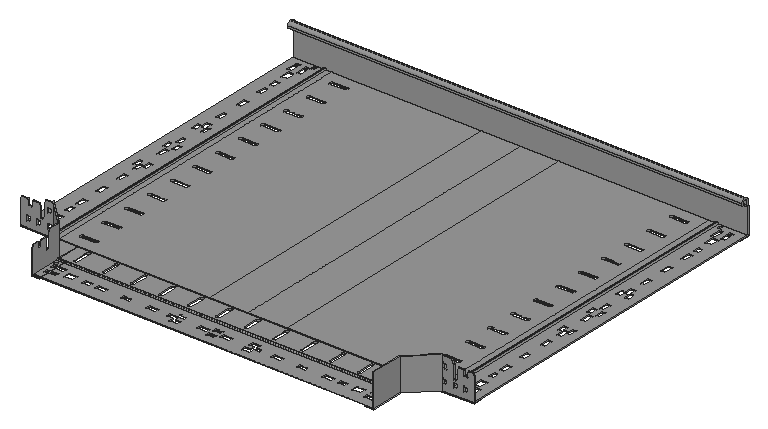
Revit family "T-Abzweigstück - RTM 660 FS.rfa_ok", category Generic Models, Revit 2017 (continued)
Dimensions and locks
  aligned and locked: cut or joined group 1 (Extrusion 1, Extrusion 37, Extrusion 38, Extrusion 39, Extrusion 40, Extrusion 41, Extrusion 42, Extrusion 43, Extrusion 44, Extrusion 45, Extrusion 46, Extrusion 47, Extrusion 48, Extrusion 49, Extrusion 50, Extrusion 51, Extrusion 52, Extrusion 53, Extrusion 54, Extrusion 55, Extrusion 56, Extrusion 57, Extrusion 58, Extrusion 59, Extrusion 60, Extrusion 61, Extrusion 62, Extrusion 63, Extrusion 64, Extrusion 65, Extrusion 66, Extrusion 67, Extrusion 68, Extrusion 69, Extrusion 70, Extrusion 71, Extrusion 72, Extrusion 73, Extrusion 74, Extrusion 75, Extrusion 76, Extrusion 77, Extrusion 78, Extrusion 79, Extrusion 80, Extrusion 81, Extrusion 82, Extrusion 83, Extrusion 84, Extrusion 85, Extrusion 86, Extrusion 87, Extrusion 88, Extrusion 89, Extrusion 90, Extrusion 91, Extrusion 92, Extrusion 93, Extrusion 94, Extrusion 95, Extrusion 96, Extrusion 97, Extrusion 98, Extrusion 99, Extrusion 100, Extrusion 101, Extrusion 102, Extrusion 103, Extrusion 104) to cut or joined group 1  (x7)
  aligned and locked: plane 118 to cut or joined group 1
  aligned and locked: plane 119 to cut or joined group 1
  aligned and locked: Extrusion 57 to level
  aligned and locked: Extrusion 1 to Extrusion 57
  aligned and locked: Extrusion 59 sketch curve to plane 122
  aligned and locked: plane 123 to Extrusion 60 sketch curve
  aligned and locked: Extrusion 60 to level
  aligned and locked: Extrusion 1 to Extrusion 60
  aligned and locked: Extrusion 59 to level
  aligned and locked: Extrusion 1 to Extrusion 59
  aligned and locked: Extrusion 61 to level
  aligned and locked: Extrusion 1 to Extrusion 61
  aligned and locked: Extrusion 62 to level
  aligned and locked: Extrusion 63 to level
  aligned and locked: Extrusion 1 to Extrusion 63
  aligned and locked: Extrusion 69 to level
  aligned and locked: Extrusion 1 to Extrusion 69
  aligned and locked: plane 164 to Extrusion 93 sketch curve
  aligned and locked: Extrusion 94 sketch curve to plane 165
  aligned and locked: plane 12 to Extrusion 105 sketch curve
  aligned and locked: plane 183 to Extrusion 105 sketch curve
  aligned and locked: Extrusion 105 to cut or joined group 1  (x2)
  aligned and locked: cut or joined group 1 to Extrusion 106 sketch curve
  aligned and locked: cut or joined group of Extrusion 2, Extrusion 5, Extrusion 6, Extrusion 7, Extrusion 8, Extrusion 9, Extrusion 10, Extrusion 11, Extrusion 12, Extrusion 13, Extrusion 14, Extrusion 15, Extrusion 16, Extrusion 17, Extrusion 18, Extrusion 19, Extrusion 20, Extrusion 21, Extrusion 22, Extrusion 23, Extrusion 24, Extrusion 25, Extrusion 26, Extrusion 27, Extrusion 28, Extrusion 29, Extrusion 30, Extrusion 31, Extrusion 32, Extrusion 33, Extrusion 34, Extrusion 35, Extrusion 36 to Extrusion 106 sketch curve
  aligned and locked: Extrusion 106 to level
  aligned and locked: plane 185 to Extrusion 106
  aligned and locked: cut or joined group 1 to Extrusion 108  (x2)
  aligned and locked: Extrusion 106 to Extrusion 112
  aligned and locked: Extrusion 107 to cut or joined group 2 (Extrusion 106, Extrusion 112, Extrusion 113, Extrusion 114, Extrusion 115, Extrusion 116, Extrusion 117, Extrusion 124, Extrusion 125)
  aligned and locked: Extrusion 106 to Extrusion 116
  aligned and locked: plane 19 to cut or joined group 2
  aligned and locked: Extrusion 118 to Extrusion 107
  aligned and locked: Extrusion 107 to Extrusion 119
  aligned and locked: Extrusion 117 sketch curve to plane 208
  aligned and locked: Extrusion 117 sketch curve to plane 185
  aligned and locked: plane 240 to Extrusion 123 sketch curve
  aligned and locked: Extrusion 105 to Extrusion 123
  aligned and locked: Extrusion 124 sketch curve to plane 250
  aligned and locked: Extrusion 105 to Extrusion 124
  aligned and locked: Extrusion 125 to plane 12
  aligned and locked: Extrusion 105 to Extrusion 126
  aligned and locked: Extrusion 127 sketch curve to cut or joined group 2  (x11)
  aligned and locked: Extrusion 127 sketch curve to Extrusion 127 sketch curve
  aligned and locked: Extrusion 127 sketch curve to plane 1 "Center (Front/Back)"
  aligned and locked: Extrusion 127 sketch curve to plane 185
  aligned and locked: Extrusion 127 to plane 14
  aligned and locked: Extrusion 128 sketch curve to Extrusion 128 sketch curve  (x4)
  aligned and locked: plane 15 to Extrusion 128
  aligned and locked: Extrusion 129 to plane 14
Automatic sketch dimensions
  plane 21 to Extrusion 5 sketch curve = 299.529 mm
  plane 25 to Extrusion 6 sketch curve = 299.529 mm
  plane 29 to Extrusion 7 sketch curve = 299.529 mm
  plane 33 to Extrusion 8 sketch curve = 299.529 mm
  plane 37 to Extrusion 9 sketch curve = 299.529 mm
  plane 41 to Extrusion 10 sketch curve = 299.529 mm
  plane 45 to Extrusion 11 sketch curve = 299.529 mm
  plane 49 to Extrusion 12 sketch curve = 299.529 mm
  plane 53 to Extrusion 13 sketch curve = 299.529 mm
  plane 57 to Extrusion 14 sketch curve = 299.529 mm
  plane 61 to Extrusion 15 sketch curve = 299.529 mm
  plane 65 to Extrusion 16 sketch curve = 299.529 mm
  Extrusion 1 sketch curve to Extrusion 1 sketch curve = 0 mm  (x6)
  Extrusion 1 sketch curve to level = 0 mm  (x2)
  Extrusion 1 sketch curve to plane 4 = 0 mm
  Extrusion 1 sketch curve to plane 3 "Center (Left/Right)" = 0 mm  (x2)
  plane 11 to Extrusion 1 sketch curve = 0 mm
  Extrusion 1 sketch curve to plane 7 = 1.328 mm
  Extrusion 1 sketch curve to Extrusion 1 sketch curve = 0.145 mm  (x4)
  plane 4 to Extrusion 1 sketch curve = 2.683 mm
  Extrusion 1 sketch curve to Extrusion 1 sketch curve = 9.855 mm
  Extrusion 1 sketch curve to Extrusion 1 sketch curve = 7.332 mm  (x2)
  Extrusion 1 sketch curve to plane 73 = 28.6 mm
  plane 73 to Extrusion 1 sketch curve = 42.103 mm
  Extrusion 1 sketch curve to plane 70 = 42.103 mm
  Extrusion 1 sketch curve to plane 71 = 16.4 mm
  plane 11 to Extrusion 1 sketch curve = 20.015 mm
  plane 11 to Extrusion 1 sketch curve = 2.828 mm
  level to Extrusion 1 sketch curve = 1.3 mm
  level to Extrusion 1 sketch curve = 0.499 mm  (x2)
  Extrusion 1 sketch curve to Extrusion 1 sketch curve = 0.2 mm  (x4)
  Extrusion 2 sketch curve to Extrusion 2 sketch curve = 0 mm  (x3)
  Extrusion 2 sketch curve to plane 13 = 0 mm
  Extrusion 2 sketch curve to level = 0 mm
  plane 18 to Extrusion 2 sketch curve = 3.722 mm
  plane 18 to Extrusion 2 sketch curve = 1.308 mm
  Extrusion 2 sketch curve to Extrusion 2 sketch curve = 0.127 mm  (x2)
  Extrusion 2 sketch curve to Extrusion 2 sketch curve = 2.518 mm
  Extrusion 2 sketch curve to Extrusion 2 sketch curve = 0.25 mm  (x2)
  Extrusion 3 sketch curve to plane 15 = 0 mm
  plane 116 to Extrusion 3 sketch curve = 31.532 mm
  plane 19 to Extrusion 4 sketch curve = 0 mm
  Extrusion 4 sketch curve to plane 14 = 0 mm
  Extrusion 4 sketch curve to plane 14 = 42.058 mm
  plane 3 "Center (Left/Right)" to Extrusion 26 sketch curve = 7 mm
  Extrusion 27 sketch curve to plane 78 = 0 mm
  Extrusion 27 sketch curve to plane 69 = 4.403 mm
  Extrusion 28 sketch curve to plane 80 = 0 mm
  plane 69 to Extrusion 28 sketch curve = 11.957 mm
  plane 69 to Extrusion 28 sketch curve = 3.967 mm
  Extrusion 28 sketch curve to plane 69 = 4.033 mm
  plane 69 to Extrusion 32 sketch curve = 4 mm
  Extrusion 33 sketch curve to plane 69 = 6 mm
  Extrusion 33 sketch curve to plane 15 = 54 mm
  plane 69 to Extrusion 34 sketch curve = 11.8 mm
  Extrusion 34 sketch curve to plane 69 = 4.2 mm
  Extrusion 35 sketch curve to plane 87 = 0 mm
  Extrusion 36 sketch curve to plane 89 = 0 mm
  Extrusion 57 sketch curve to plane 119 = 0 mm
  Extrusion 58 sketch curve to plane 121 = 0 mm
  plane 115 to Extrusion 58 sketch curve = 7 mm
  Extrusion 59 sketch curve to plane 116 = 4.33 mm
  plane 116 to Extrusion 59 sketch curve = 0.068 mm
  Extrusion 59 sketch curve to Extrusion 59 sketch curve = 7.627 mm
  plane 122 to Extrusion 59 sketch curve = 10.98 mm
  Extrusion 59 sketch curve to Extrusion 59 sketch curve = 0 mm
  Extrusion 59 sketch curve to Extrusion 59 sketch curve = 4.945 mm
  plane 116 to Extrusion 60 sketch curve = 11.904 mm
  plane 116 to Extrusion 60 sketch curve = 4 mm
  Extrusion 60 sketch curve to plane 116 = 0.068 mm
  Extrusion 60 sketch curve to Extrusion 60 sketch curve = 7.627 mm
  Extrusion 60 sketch curve to plane 123 = 10.98 mm
  Extrusion 60 sketch curve to Extrusion 60 sketch curve = 0 mm
  Extrusion 60 sketch curve to Extrusion 60 sketch curve = 4.945 mm
  plane 116 to Extrusion 64 sketch curve = 4.2 mm
  plane 116 to Extrusion 65 sketch curve = 4 mm
  plane 116 to Extrusion 66 sketch curve = 6 mm
  Extrusion 67 sketch curve to plane 116 = 4.2 mm
  Extrusion 68 sketch curve to plane 116 = 4.2 mm
  Extrusion 69 sketch curve to plane 133 = 0 mm
  Extrusion 82 sketch curve to plane 159 = 0 mm
  Extrusion 83 sketch curve to plane 115 = 28 mm
  Extrusion 83 sketch curve to plane 14 = 77.59 mm
  Extrusion 91 sketch curve to plane 161 = 0 mm
  plane 115 to Extrusion 91 sketch curve = 7 mm
  Extrusion 92 sketch curve to plane 163 = 0 mm
  Extrusion 92 sketch curve to plane 115 = 7 mm
  Extrusion 93 sketch curve to plane 164 = 10.98 mm  (x2)
  Extrusion 93 sketch curve to plane 14 = 85.494 mm
  Extrusion 93 sketch curve to Extrusion 93 sketch curve = 7.904 mm
  Extrusion 93 sketch curve to Extrusion 93 sketch curve = 3.932 mm
  Extrusion 93 sketch curve to Extrusion 93 sketch curve = 7.627 mm
  Extrusion 93 sketch curve to Extrusion 93 sketch curve = 4.945 mm
  plane 165 to Extrusion 94 sketch curve = 10.98 mm  (x2)
  plane 14 to Extrusion 94 sketch curve = 85.494 mm
  Extrusion 94 sketch curve to Extrusion 94 sketch curve = 7.904 mm
  Extrusion 94 sketch curve to Extrusion 94 sketch curve = 3.932 mm
  Extrusion 94 sketch curve to Extrusion 94 sketch curve = 7.627 mm
  Extrusion 94 sketch curve to Extrusion 94 sketch curve = 4.945 mm
  Extrusion 95 sketch curve to plane 14 = 77.59 mm
  Extrusion 96 sketch curve to plane 14 = 79.59 mm
  Extrusion 97 sketch curve to plane 14 = 69.39 mm
  plane 14 to Extrusion 98 sketch curve = 77.79 mm
  plane 14 to Extrusion 99 sketch curve = 77.59 mm
  plane 14 to Extrusion 100 sketch curve = 79.59 mm
  plane 14 to Extrusion 101 sketch curve = 69.39 mm
  Extrusion 102 sketch curve to plane 14 = 77.79 mm
  Extrusion 103 sketch curve to plane 175 = 0 mm
  Extrusion 104 sketch curve to plane 177 = 0 mm
  Extrusion 105 sketch curve to Extrusion 105 sketch curve = 0 mm  (x2)
  Extrusion 105 sketch curve to plane 180 = 0 mm
  Extrusion 105 sketch curve to level = 0 mm
  Extrusion 105 sketch curve to plane 179 = 0 mm
  Extrusion 105 sketch curve to plane 183 = 0.404 mm
  Extrusion 105 sketch curve to plane 179 = 0.307 mm
  Extrusion 106 sketch curve to plane 15 = 0 mm
  Extrusion 106 sketch curve to plane 19 = 0 mm
  plane 19 to Extrusion 107 sketch curve = 0 mm
  plane 1 "Center (Front/Back)" to Extrusion 107 sketch curve = 0 mm
  Extrusion 107 sketch curve to plane 14 = 0 mm
  Extrusion 107 sketch curve to plane 14 = 1.3 mm
  Extrusion 107 sketch curve to plane 14 = 42.058 mm
  plane 19 to Extrusion 107 sketch curve = 1.3 mm
  Extrusion 107 sketch curve to Extrusion 107 sketch curve = 0.538 mm  (x2)
  Extrusion 108 sketch curve to level = 0 mm
  Extrusion 108 sketch curve to plane 19 = 1.3 mm
  Extrusion 109 sketch curve to level = 0 mm
  Extrusion 109 sketch curve to plane 15 = 1.3 mm
  Extrusion 109 sketch curve to Extrusion 109 sketch curve = 1.254 mm
  Extrusion 110 sketch curve to level = 0 mm
  plane 14 to Extrusion 110 sketch curve = 1.3 mm
  Extrusion 110 sketch curve to level = 1.254 mm
  Extrusion 111 sketch curve to level = 0 mm
  Extrusion 111 sketch curve to plane 19 = 1.3 mm
  Extrusion 111 sketch curve to Extrusion 111 sketch curve = 1.254 mm
  Extrusion 116 sketch curve to plane 185 = 0 mm
  Extrusion 116 sketch curve to plane 195 = 0 mm  (x2)
  Extrusion 116 sketch curve to plane 197 = 0 mm
  Extrusion 116 sketch curve to plane 198 = 0 mm
  Extrusion 116 sketch curve to plane 199 = 0 mm
  Extrusion 116 sketch curve to plane 200 = 0 mm
  Extrusion 116 sketch curve to plane 201 = 0 mm
  Extrusion 116 sketch curve to plane 202 = 0 mm
  Extrusion 116 sketch curve to plane 196 = 0 mm
  Extrusion 116 sketch curve to plane 197 = 1.963 mm
  plane 116 to Extrusion 116 sketch curve = 7.47 mm
  Extrusion 116 sketch curve to Extrusion 116 sketch curve = 1.862 mm
  Extrusion 116 sketch curve to Extrusion 116 sketch curve = 3 mm
  Extrusion 116 sketch curve to plane 185 = 1.529 mm
  plane 202 to Extrusion 116 sketch curve = 12.162 mm
  Extrusion 116 sketch curve to plane 200 = 0.279 mm
  plane 200 to Extrusion 116 sketch curve = 2.368 mm  (x2)
  Extrusion 116 sketch curve to plane 195 = 0.205 mm
  plane 195 to Extrusion 116 sketch curve = 1.053 mm
  Extrusion 118 sketch curve to plane 216 = 0 mm
  Extrusion 118 sketch curve to plane 185 = 0 mm
  Extrusion 118 sketch curve to plane 214 = 0 mm
  Extrusion 118 sketch curve to plane 230 = 0 mm
  Extrusion 118 sketch curve to plane 210 = 0 mm  (x2)
  plane 228 to Extrusion 118 sketch curve = 0 mm
  Extrusion 118 sketch curve to plane 227 = 0 mm
  Extrusion 118 sketch curve to plane 226 = 0 mm
  plane 229 to Extrusion 118 sketch curve = 0 mm
  Extrusion 118 sketch curve to plane 212 = 0 mm
  Extrusion 118 sketch curve to plane 213 = 0 mm
  plane 215 to Extrusion 118 sketch curve = 1.266 mm
  plane 210 to Extrusion 118 sketch curve = 1.293 mm
  Extrusion 118 sketch curve to plane 217 = 4.293 mm
  plane 217 to Extrusion 118 sketch curve = 14.442 mm
  plane 230 to Extrusion 118 sketch curve = 2.002 mm
  Extrusion 118 sketch curve to Extrusion 118 sketch curve = 0.5 mm
  Extrusion 118 sketch curve to plane 226 = 0.5 mm
  Extrusion 118 sketch curve to plane 211 = 2 mm
  Extrusion 118 sketch curve to Extrusion 118 sketch curve = 3 mm
  Extrusion 118 sketch curve to plane 212 = 4.5 mm
  Extrusion 118 sketch curve to Extrusion 118 sketch curve = 0 mm
  plane 212 to Extrusion 118 sketch curve = 0.003 mm
  plane 213 to Extrusion 118 sketch curve = 0 mm
  Extrusion 117 sketch curve to plane 1 "Center (Front/Back)" = 0 mm
  Extrusion 117 sketch curve to plane 203 = 0 mm  (x2)
  Extrusion 117 sketch curve to plane 205 = 0 mm
  Extrusion 117 sketch curve to plane 234 = 0 mm
  Extrusion 117 sketch curve to plane 204 = 0 mm
  Extrusion 117 sketch curve to plane 235 = 0 mm
  Extrusion 117 sketch curve to plane 232 = 0 mm
  plane 236 to Extrusion 117 sketch curve = 0 mm
  Extrusion 117 sketch curve to plane 207 = 0 mm
  Extrusion 117 sketch curve to Extrusion 117 sketch curve = 0.5 mm  (x2)
  Extrusion 117 sketch curve to plane 235 = 1.032 mm
  Extrusion 117 sketch curve to plane 232 = 3.542 mm
  Extrusion 117 sketch curve to Extrusion 117 sketch curve = 3 mm
  plane 237 to Extrusion 117 sketch curve = 0.482 mm
  plane 237 to Extrusion 117 sketch curve = 0.011 mm
  plane 13 to Extrusion 117 sketch curve = 2.237 mm
  plane 203 to Extrusion 117 sketch curve = 2.581 mm
  plane 236 to Extrusion 117 sketch curve = 0.051 mm
  Extrusion 117 sketch curve to plane 207 = 0.316 mm
  Extrusion 117 sketch curve to plane 185 = 1.324 mm  (x2)
  Extrusion 123 sketch curve to plane 242 = 0 mm
  plane 185 to Extrusion 123 sketch curve = 2.153 mm
  plane 238 to Extrusion 123 sketch curve = 3 mm
  Extrusion 123 sketch curve to plane 245 = 0.025 mm
  Extrusion 123 sketch curve to Extrusion 123 sketch curve = 0.5 mm  (x2)
  plane 244 to Extrusion 123 sketch curve = 0.025 mm
  Extrusion 123 sketch curve to plane 239 = 0.025 mm
  Extrusion 123 sketch curve to plane 243 = 5.425 mm  (x2)
  Extrusion 123 sketch curve to Extrusion 123 sketch curve = 0 mm
  plane 243 to Extrusion 123 sketch curve = 0.016 mm  (x2)
  plane 253 to Extrusion 124 sketch curve = 0 mm
  plane 251 to Extrusion 124 sketch curve = 0 mm
  plane 248 to Extrusion 124 sketch curve = 0 mm
  plane 252 to Extrusion 124 sketch curve = 0 mm
  Extrusion 124 sketch curve to plane 254 = 0 mm  (x2)
  plane 253 to Extrusion 124 sketch curve = 2 mm
  Extrusion 124 sketch curve to plane 248 = 0.5 mm
  Extrusion 124 sketch curve to Extrusion 124 sketch curve = 0.5 mm
  plane 185 to Extrusion 124 sketch curve = 1.261 mm
  Extrusion 124 sketch curve to Extrusion 124 sketch curve = 3 mm
  Extrusion 124 sketch curve to plane 254 = 5.495 mm  (x2)
  Extrusion 124 sketch curve to Extrusion 124 sketch curve = 0 mm
  Extrusion 124 sketch curve to plane 247 = 2.762 mm
  Extrusion 127 sketch curve to Extrusion 127 sketch curve = 1.014 mm
  Extrusion 127 sketch curve to Extrusion 127 sketch curve = 0.5 mm  (x2)
  Extrusion 127 sketch curve to Extrusion 127 sketch curve = 6 mm
  plane 13 to Extrusion 127 sketch curve = 2.237 mm
  Extrusion 127 sketch curve to Extrusion 127 sketch curve = 3 mm
  Extrusion 128 sketch curve to plane 259 = 4.5 mm  (x2)
  Extrusion 129 sketch curve to plane 1 "Center (Front/Back)" = 11.5 mm  (x2)
  Extrusion 129 sketch curve to Extrusion 129 sketch curve = 7 mm  (x2)
  Extrusion 129 sketch curve to Extrusion 129 sketch curve = 0 mm  (x2)
  plane 69 to Extrusion 129 sketch curve = 3.26 mm
  Extrusion 129 sketch curve to plane 13 = 6.75 mm  (x2)
  plane 13 to Extrusion 129 sketch curve = 0.25 mm  (x2)
  level to Extrusion 129 sketch curve = 11.696 mm  (x2)
  Extrusion 129 sketch curve to Extrusion 129 sketch curve = 9 mm  (x4)
  Extrusion 129 sketch curve to Extrusion 129 sketch curve = 6.204 mm
  Extrusion 129 sketch curve to Extrusion 129 sketch curve = 4 mm
  Extrusion 129 sketch curve to Extrusion 129 sketch curve = 16 mm
